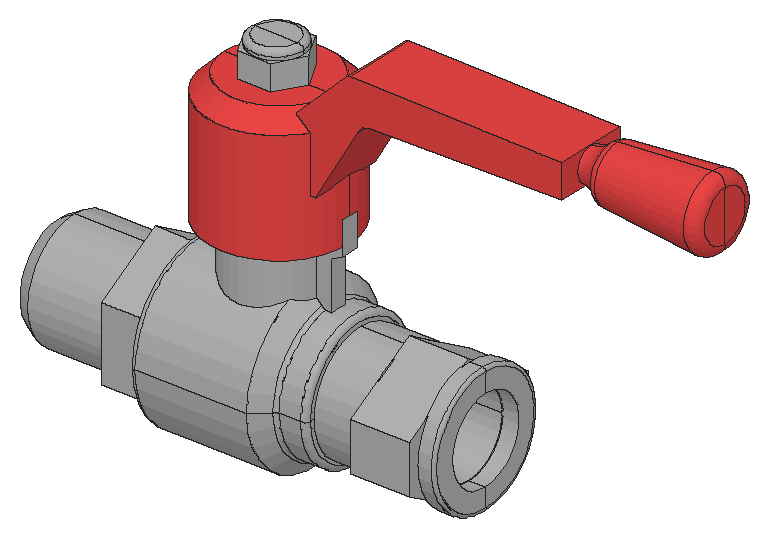
Revit family "QA10690000", category Apparecchi idraulici, Revit 2016
Family settings
  Tipo di parte = Normale
  Quota connettore circolare = Usa diametro
  Numero OmniClass = 23.45.00.00
  Titolo OmniClass = Sanitary, Laundry, and Cleaning Equipment
  Basato su piano di lavoro = No
  Sempre verticale = Sì
  Taglio con vuoti quando caricato = No
  Condiviso = No
  Punto di calcolo locali = No
Parameters
  URL = "https://web.cimberio.it/index.php/figura/205?subcategoria_id=42864"
  DN Model [instance] = QA10693110 : QA10693110
  DN [instance] = 15 mm
Reference planes
  plane 1 "Centro (Fronte/Retro)": y = 0
  plane 2: z = 0
  plane 3 "Centro (Sinistra/Destra)": x = 0
Dimensions and locks
  aligned and locked: level to plane 2
Nested families
  nested 1: "QA10693110" at (0, 0, 0), type <- "DN Model", type "QA10693110"
    with DN 10 mm
  nested 2: "QA10693110" at (0, 0, 0), type <- "DN Model", type "QA10693110"
    with DN 10 mm
  nested 3: "QA10693110" at (0, 0, 0), type <- "DN Model", type "QA10693110"
    with DN 10 mm
  nested 4: "QA10693110" at (0, 0, 0), type <- "DN Model", type "QA10693110"
    with DN 10 mm
  nested 5: "QA10693110" at (0, 0, 0), type <- "DN Model", type "QA10693110"
    with DN 10 mm
  nested 6: "QA10693110" at (0, 0, 0), type <- "DN Model", type "QA10693110"
    with DN 10 mm
  nested 7: "QA10693110" at (0, 0, 0), type <- "DN Model", type "QA10693110"
    with DN 10 mm
  nested 8: "QA10693110" at (0, 0, 0), type <- "DN Model", type "QA10693110"
    with DN 10 mm
  nested 9: "QA10693110" at (0, 0, 0), type <- "DN Model", type "QA10693110"
    with DN 10 mm
Connectors
  piping at (36.913, 0, 0), diameter 15, driven by "DN"
    settings: on nested 1, index 1, connector inside diameter 609.6 mm, connector length 0 mm, flow factor 0, pipe flow 0.0 L/s, pressure drop 0.0 Pa, fitting loss kfactor 0, connector angle 0.00°, fixture units 0, engagement length 0 mm, angle of deflection 0.00°, flow configuration 0, flow direction 0, fitting loss method 0, system type 7, joint type 0, gender type 0, connector reference index -1, connector utility 0, adjustable connector no, is connector primary yes, connector description ""
  piping at (-38.959, 0, 0), diameter 15, driven by "DN"
    settings: on nested 1, index 2, connector inside diameter 609.6 mm, connector length 0 mm, flow factor 0, pipe flow 0.0 L/s, pressure drop 0.0 Pa, fitting loss kfactor 0, connector angle 0.00°, fixture units 0, engagement length 0 mm, angle of deflection 0.00°, flow configuration 0, flow direction 0, fitting loss method 0, system type 7, joint type 0, gender type 0, connector reference index -1, connector utility 0, adjustable connector no, is connector primary no, connector description ""
Definition of nested family "QA10693110"
  Parameters (values of type "QA10693110")
    DN [instance] = 10 mm  # constant formula
  Reference planes
    plane 1 "Centro (Fronte/Retro)": y = 0
    plane 2: z = 0
    plane 3 "Centro (Sinistra/Destra)": x = 0
  Forms (mm)
    Revolve 1, solid
      sketch origin (0, 0, 0) x (1, 0, 0) y (0, 0, 1)
        loop
          line (-0.424, 29.299) -> (-0.424, 11.623) -> (8.009, 11.623) -> (8.009, 21)
          arc (8.009, 21) -> (8.379, 21.291) -> (8.517, 21.742) r 0.786
          line (8.517, 21.742) -> (8.688, 29.299) -> (-0.424, 29.299)
        axis (-0.424, 11.623) -> (-0.424, 29.299)
      angle from 0 to 360
    Extrusion 2, solid
      sketch origin (0, 0, 28.55) x (1, 0, 0) y (0, 1, 0)
        loop
          line (0, 8.66) -> (-7.5, 4.33) -> (-7.5, -4.33) -> (0, -8.66) -> (7.5, -4.33) -> (7.5, 4.33) -> (0, 8.66)
      from 0.749 to 4.75
    Extrusion 3, solid
      sketch origin (0, 0, 28.55) x (1, 0, 0) y (0, 1, 0)
        loop
          circle (0, 0) r 7.5
      from 4.75 to 5.75
    Revolve 4, solid
      sketch origin (0, 0, 0) x (-1, 0, 0) y (0, -1, 0)
        loop
          line (-14.5, -7.5) -> (-14.5, -11)
          arc (-14.5, -11) -> (-14.207, -11.707) -> (-13.5, -12) r 1
          line (-13.5, -12) -> (-9.664, -12)
          arc (-9.664, -12) -> (-9.236, -12.095) -> (-8.888, -12.362) r 1.013
          line (-8.888, -12.362) -> (-6.25, -15) -> (13.6, -15)
          arc (13.6, -15) -> (14.307, -14.707) -> (14.6, -14) r 1
          line (14.6, -14) -> (14.6, -7.5) -> (-14.5, -7.5)
        axis (-14.5, 0) -> (14.6, 0)
      angle from 0 to 360
    Revolve 5, solid
      sketch origin (0, 0, 0) x (-1, 0, 0) y (0, 0, -1)
        loop
          line (-14.139, -10.375) -> (-14.139, -7.5) -> (-23.421, -7.5) -> (-23.421, -10.375) -> (-14.139, -10.375)
        axis (-23.421, 0) -> (-14.139, 0)
      angle from 0 to 360
    Revolve 6, solid
      sketch origin (0, 0, 0) x (1, 0, 0) y (0, 0, 1)
        loop
          line (-21.957, 10.375) -> (-36.448, 10.375) -> (-38.959, 8.937) -> (-38.959, 7.5) -> (-21.957, 7.5) -> (-21.957, 10.375)
        axis (-38.959, 0) -> (-21.957, 0)
      angle from 0 to 360
    Extrusion 7, solid
      sketch origin (0, 0, 0) x (0, 1, 0) y (0, 0, -1)
        loop
          circle (0, 0) r 7.5
        loop
          line (0, -13.5) -> (12, -6.572) -> (12, 6.572) -> (0, 13.5) -> (-12, 6.572) -> (-12, -6.572) -> (0, -13.5)
      from 14.6 to 21.957
    Revolve 8, solid
      sketch origin (-1.217, 0, 0) x (-1, 0, 0) y (0, 0, -1)
        loop
          line (-35.13, -11.5) -> (-35.13, -7.5) -> (-38.13, -7.5) -> (-38.13, -10.883)
          arc (-38.13, -10.883) -> (-37.998, -11.287) -> (-37.63, -11.5) r 0.596
          line (-37.63, -11.5) -> (-35.13, -11.5)
        axis (-38.13, 0) -> (-35.13, 0)
      angle from 0 to 360
    Extrusion 9, solid
      sketch origin (0, 0, 0) x (-1, 0, 0) y (0, 0, -1)
        loop
          line (-12.643, -27.288) -> (-7.86, -27.288) -> (-7.86, -10.345) -> (-10.643, -10.345) -> (-10.643, -20.345) -> (-12.643, -21.5) -> (-12.643, -27.288)
      from -1.5 to 1.5
    Extrusion 10, solid
      sketch origin (0, 0, 0) x (0, 1, 0) y (0, 0, 1)
        loop
          circle (0, 0) r 7.5
        loop
          line (0, 11.9) -> (-13.248, 4.251) -> (-13.248, -4.251) -> (0, -11.9) -> (13.186, -4.287) -> (13.186, 4.287) -> (0, 11.9)
      from 23.413 to 33.913
    Revolve 11, solid
      sketch origin (0, 0, 0) x (1, 0, 0) y (0, 0, 1)
        loop
          line (0, 45.8) -> (-9.607, 45.8) -> (-12.607, 42.8) -> (-12.607, 22.8) -> (-5.181, 22.8) -> (-5.181, 35.184) -> (0, 35.184) -> (0, 45.8)
        axis (0, 45.8) -> (0, 22.8)
      angle from 0 to 360
    Extrusion 12, solid
      sketch origin (0, 0, 0) x (1, 0, 0) y (0, 0, 1)
        loop
          line (17.344, 54.002) -> (8.478, 45.135) -> (9.992, 32.8) -> (11.893, 32.8) -> (19.553, 46.069)
          arc (19.553, 46.069) -> (20.453, 46.976) -> (21.684, 47.32) r 2.5
          line (21.684, 47.32) -> (55.643, 47.8) -> (55.643, 53.8) -> (18.065, 54.294)
          arc (18.065, 54.294) -> (17.675, 54.221) -> (17.344, 54.002) r 1
      from -6.5 to 6.5
    Revolve 13, solid
      sketch origin (0, 0, 0) x (1, 0, 0) y (0, 0, 1)
        loop
          line (55.643, 50.8) -> (79.643, 50.8) -> (79.643, 55.307)
          arc (79.643, 55.307) -> (78.996, 56.779) -> (77.475, 57.3) r 2
          line (77.475, 57.3) -> (60.453, 55.868)
          arc (60.453, 55.868) -> (59.769, 55.693) -> (59.195, 55.282) r 1.915
          arc (59.195, 55.282) -> (57.574, 54.17) -> (55.643, 53.8) r 4.805
          line (55.643, 53.8) -> (55.643, 50.8)
        axis (55.643, 50.8) -> (79.643, 50.8)
      angle from 0 to 360
    Revolve 14, solid
      sketch origin (0, 0, 0) x (1, 0, 0) y (0, 0, 1)
        loop
          line (-0.357, 51.8) -> (-0.357, 50) -> (4.393, 50) -> (4.393, 50.8)
          arc (4.393, 50.8) -> (4.1, 51.507) -> (3.393, 51.8) r 1
          line (3.393, 51.8) -> (-0.357, 51.8)
        axis (-0.357, 50) -> (-0.357, 51.8)
      angle from 0 to 360
    Extrusion 15, solid
      sketch origin (0, 0, 28.55) x (1, 0, 0) y (0, 1, 0)
        loop
          line (-6.131, 0) -> (-3.244, -5) -> (2.529, -5) -> (5.416, 0) -> (2.529, 5) -> (-3.244, 5) -> (-6.131, 0)
      from 17.25 to 21.75
  Dimensions and locks
    aligned and locked: level to plane 2
